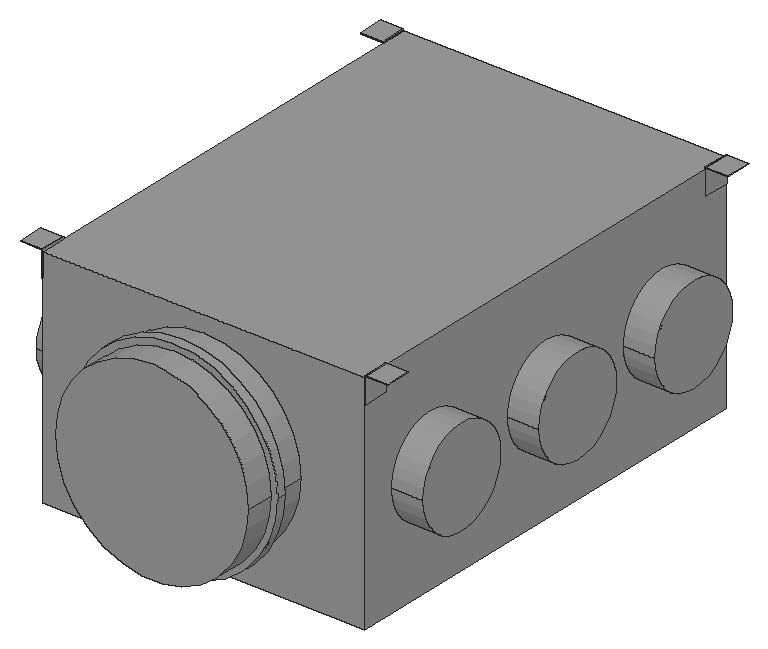
Revit family "SA_FASU(F6-150 300Φ)", category ダクト付属品, Revit 2021
Family settings
  丸型コネクタ寸法 = 直径を使用
  パーツ タイプ = ダンパー
  OmniClass 番号 = 23.75.00.00
  OmniClass タイトル = Climate Control (HVAC)
  作業面ベース = いいえ
  常に垂直 = はい
  ロード時にボイドで切り取り = いいえ
  共有 = いいえ
Parameters
  高さ = 350 mm
  風量 = 0.0 L/s
  符号 = "FASU"
  形式 = "F6-150 300φ"
  幅 [instance] = 500 mm
  奥行き = 700 mm
  大きさ = 250 mm
  呼称 = "FASUチャンバー"
  付属品_下端レベル [instance] = 0 mm
  マテリアル [instance] = 既定値
  ダクト_イン = 300 mm
  ダクト_アウト = 150 mm
  既定の高さ = 0 mm
Reference planes
  plane 1 "中心(正面/背面)": y = 0
  plane 2: z = 0
  plane 3 "中心(左/右)": x = 0
  plane 4: x = -250
  plane 5: x = 250
  plane 6: y = -700
  plane 7: z = 350
  plane 8: z = 175
  plane 9: z = 266.963
  plane 10: z = 86.159
  plane 11: x = -251
  plane 12: z = 313.122
  plane 13: z = 352.122
  plane 14: y = -350
Forms (mm)
  Extrusion 1, solid, material "既定値" <- "マテリアル"
    sketch origin (0, 0, 0) x (1, 0, 0) y (0, 1, 0)
      loop
        line (-250, 0) -> (-250, -700) -> (250, -700) -> (250, 0) -> (-250, 0)
    from 0 to 350
  Extrusion 2, solid, material "既定値" <- "マテリアル"
    sketch origin (0, -30, 0) x (1, 0, 0) y (0, 1, 0)
      loop
        line (-250, 30) -> (-251, 30) -> (-251, -10) -> (-250, -10) -> (-250, 30)
    from 313.122 to 350
  Extrusion 3, solid, material "既定値" <- "マテリアル"
    sketch origin (0, -30, 0) x (1, 0, 0) y (0, 1, 0)
      loop
        line (-285, 30) -> (-285, -10) -> (-251, -10) -> (-251, 30) -> (-285, 30)
    from 352.122 to 350
  Extrusion 4, solid, material "既定値" <- "マテリアル"
    sketch origin (0, -30, 0) x (-1, 0, 0) y (0, -1, 0)
      loop
        line (-250, -30) -> (-250, 10) -> (-251, 10) -> (-251, -30) -> (-250, -30)
    from 313.122 to 353.122
  Extrusion 5, solid, material "既定値" <- "マテリアル"
    sketch origin (0, -30, 0) x (-1, 0, 0) y (0, -1, 0)
      loop
        line (-285, -30) -> (-251, -30) -> (-251, 10) -> (-285, 10) -> (-285, -30)
    from 352.122 to 353.122
  Extrusion 6, solid, material "既定値" <- "マテリアル"
    sketch origin (0, -490, 0) x (1, 0, 0) y (0, 1, 0)
      loop
        line (-285, -170) -> (-285, -210) -> (-251, -210) -> (-251, -170) -> (-285, -170)
    from 352.122 to 353.122
  Extrusion 7, solid, material "既定値" <- "マテリアル"
    sketch origin (0, -490, 0) x (1, 0, 0) y (0, 1, 0)
      loop
        line (-250, -170) -> (-251, -170) -> (-251, -210) -> (-250, -210) -> (-250, -170)
    from 313.122 to 353.122
  Extrusion 8, solid, material "既定値" <- "マテリアル"
    sketch origin (0, -490, 0) x (-1, 0, 0) y (0, -1, 0)
      loop
        line (-285, 170) -> (-251, 170) -> (-251, 210) -> (-285, 210) -> (-285, 170)
    from 352.122 to 353.122
  Extrusion 9, solid, material "既定値" <- "マテリアル"
    sketch origin (0, -490, 0) x (-1, 0, 0) y (0, -1, 0)
      loop
        line (-250, 170) -> (-250, 210) -> (-251, 210) -> (-251, 170) -> (-250, 170)
    from 313.122 to 353.122
  Extrusion 10, solid, material "既定値" <- "マテリアル"
    sketch origin (550, -582.5, 0) x (0, -1, 0) y (0, 0, -1)
      loop
        circle (-232.5, -175) r 74.985
    from -300 to -250
  Extrusion 11, solid, material "既定値" <- "マテリアル"
    sketch origin (-550, -582.5, 0) x (0, -1, 0) y (0, 0, 1)
      loop
        circle (-232.5, 175) r 74.985
    from -300 to -250
  Extrusion 12, solid, material "既定値" <- "マテリアル"
    sketch origin (0, -700, 0) x (1, 0, 0) y (0, 0, 1)
      loop
        circle (0, 175) r 150
    from 0 to 42.5
  Extrusion 13, solid, material "既定値" <- "マテリアル"
    sketch origin (0, -743, 0) x (1, 0, 0) y (0, 0, 1)
      loop
        circle (0, 175) r 160
    from -0.5 to 14.5
  Extrusion 14, solid, material "既定値" <- "マテリアル"
    sketch origin (0, -757.5, 0) x (1, 0, 0) y (0, 0, 1)
      loop
        circle (0, 175) r 150
    from 0 to 42.5
  Extrusion 15, solid, material "既定値" <- "マテリアル"
    sketch origin (550, -357.5, 0) x (0, -1, 0) y (0, 0, -1)
      loop
        circle (-232.5, -175) r 74.985
    from -300 to -250
  Extrusion 16, solid, material "既定値" <- "マテリアル"
    sketch origin (-550, -357.5, 0) x (0, -1, 0) y (0, 0, 1)
      loop
        circle (-232.5, 175) r 74.985
    from -300 to -250
  Extrusion 17, solid, material "既定値" <- "マテリアル"
    sketch origin (550, -142.5, 0) x (0, 1, 0) y (0, 0, 1)
      loop
        circle (-432.5, 175) r 74.985
    from -300 to -250
  Extrusion 18, solid, material "既定値" <- "マテリアル"
    sketch origin (0, -142.5, 0) x (0, 1, 0) y (0, 0, 1)
      loop
        circle (-432.5, 175) r 74.985
    from -300 to -250
Lines and regions (mm)
  model lines
    curve 1: line (-250, -30, 0) -> (250, -30, 0)
    curve 2: line (-250, -670, 0) -> (250, -670, 0)
Text (mm)
  text "FASU(F6-150 300Φ)" at (3.713, -630.412, 0), in view "参照レベル"
Dimensions and locks
  equal spacing: plane 4, plane 3 "中心(左/右)", plane 5
  "幅": plane 4 to plane 5
  "奥行き": plane 6 to plane 1 "中心(正面/背面)"
  "高さ": plane 7 to level
  equal spacing: plane 7, plane 8, level
  equal spacing: plane 6, plane 14, plane 1 "中心(正面/背面)"
  aligned and locked: level to plane 2
  aligned and locked: Extrusion 1 sketch curve to plane 5
  aligned and locked: plane 7 to Extrusion 1
  aligned and locked: Extrusion 2 sketch curve to Extrusion 1
  aligned and locked: plane 7 to Extrusion 2
  aligned and locked: Extrusion 3 sketch curve to Extrusion 2
  aligned and locked: Extrusion 2 to Extrusion 3 sketch curve
  aligned and locked: plane 7 to Extrusion 3
  aligned and locked: Extrusion 3 to plane 13
  aligned and locked: Extrusion 4 to Extrusion 5 sketch curve
  aligned and locked: Extrusion 5 sketch curve to Extrusion 4
  aligned and locked: Extrusion 1 to Extrusion 8
  aligned and locked: Extrusion 6 to Extrusion 1
  aligned and locked: Extrusion 7 to Extrusion 1
  aligned and locked: Extrusion 1 to Extrusion 9
  aligned and locked: Extrusion 9 to Extrusion 8
  aligned and locked: Extrusion 7 to Extrusion 6
  aligned and locked: plane 4 to Extrusion 7
  aligned and locked: Extrusion 9 to plane 5
  aligned and locked: plane 4 to curve 1
  aligned and locked: plane 5 to curve 1
  aligned and locked: plane 5 to curve 2
  aligned and locked: Extrusion 1 to Extrusion 3
  aligned and locked: Extrusion 5 to Extrusion 1
  aligned and locked: Extrusion 4 to plane 5
  aligned and locked: Extrusion 1 to plane 6
  aligned and locked: Extrusion 1 to plane 1 "中心(正面/背面)"
  aligned and locked: plane 6 to Extrusion 12
  aligned and locked: Extrusion 15 to plane 5
  aligned and locked: plane 4 to Extrusion 16
  aligned and locked: Extrusion 17 to plane 5
  aligned and locked: plane 4 to Extrusion 18
Automatic sketch dimensions
  curve 2 to plane 4 = 0 mm
  plane 6 to curve 2 = 30 mm
  plane 1 "中心(正面/背面)" to curve 1 = 30 mm
  Extrusion 1 sketch curve to plane 4 = 0 mm
  Extrusion 1 sketch curve to plane 6 = 0 mm
  plane 1 "中心(正面/背面)" to Extrusion 1 sketch curve = 0 mm
  plane 1 "中心(正面/背面)" to Extrusion 2 sketch curve = 0 mm
  Extrusion 2 sketch curve to plane 11 = 0 mm
  Extrusion 2 sketch curve to Extrusion 2 sketch curve = 40 mm
  plane 1 "中心(正面/背面)" to Extrusion 3 sketch curve = 0 mm
  Extrusion 3 sketch curve to Extrusion 3 sketch curve = 34 mm
  plane 1 "中心(正面/背面)" to Extrusion 4 sketch curve = 0 mm
  Extrusion 4 sketch curve to plane 5 = 0 mm
  Extrusion 4 sketch curve to Extrusion 4 sketch curve = 1 mm
  Extrusion 4 sketch curve to Extrusion 4 sketch curve = 40 mm
  plane 1 "中心(正面/背面)" to Extrusion 5 sketch curve = 0 mm
  Extrusion 5 sketch curve to Extrusion 5 sketch curve = 34 mm
  Extrusion 6 sketch curve to plane 6 = 0 mm
  Extrusion 6 sketch curve to plane 11 = 0 mm
  Extrusion 6 sketch curve to plane 11 = 34 mm
  plane 6 to Extrusion 6 sketch curve = 40 mm
  Extrusion 7 sketch curve to plane 11 = 0 mm
  Extrusion 7 sketch curve to plane 4 = 0 mm
  Extrusion 7 sketch curve to plane 6 = 0 mm
  plane 6 to Extrusion 7 sketch curve = 40 mm
  Extrusion 8 sketch curve to plane 6 = 0 mm
  Extrusion 8 sketch curve to plane 5 = 35 mm
  Extrusion 8 sketch curve to plane 5 = 1 mm
  Extrusion 8 sketch curve to Extrusion 8 sketch curve = 40 mm
  Extrusion 9 sketch curve to plane 6 = 0 mm
  Extrusion 9 sketch curve to plane 5 = 0 mm
  Extrusion 9 sketch curve to Extrusion 9 sketch curve = 1 mm
  Extrusion 9 sketch curve to Extrusion 9 sketch curve = 40 mm
  Extrusion 10 sketch curve to plane 8 = 0 mm
  Extrusion 10 sketch curve to plane 14 = 0 mm
  Extrusion 11 sketch curve to plane 8 = 0 mm
  Extrusion 11 sketch curve to plane 14 = 0 mm
  Extrusion 12 sketch curve to plane 3 "中心(左/右)" = 0 mm
  Extrusion 12 sketch curve to plane 8 = 0 mm
  Extrusion 13 sketch curve to plane 3 "中心(左/右)" = 0 mm
  Extrusion 13 sketch curve to plane 8 = 0 mm
  Extrusion 14 sketch curve to plane 3 "中心(左/右)" = 0 mm
  Extrusion 14 sketch curve to plane 8 = 0 mm
  Extrusion 15 sketch curve to plane 8 = 0 mm
  plane 1 "中心(正面/背面)" to Extrusion 15 sketch curve = 125 mm
  Extrusion 16 sketch curve to plane 8 = 0 mm
  plane 1 "中心(正面/背面)" to Extrusion 16 sketch curve = 125 mm
  Extrusion 17 sketch curve to plane 8 = 0 mm
  plane 6 to Extrusion 17 sketch curve = 125 mm
  Extrusion 18 sketch curve to plane 8 = 0 mm
  plane 6 to Extrusion 18 sketch curve = 125 mm
  radius of Extrusion 10 sketch curve = 74.985 mm
  radius of Extrusion 11 sketch curve = 74.985 mm
  radius of Extrusion 12 sketch curve = 150 mm
  radius of Extrusion 13 sketch curve = 160 mm
  radius of Extrusion 14 sketch curve = 150 mm
  radius of Extrusion 15 sketch curve = 74.985 mm
  radius of Extrusion 16 sketch curve = 74.985 mm
  radius of Extrusion 17 sketch curve = 74.985 mm
  radius of Extrusion 18 sketch curve = 74.985 mm
Connectors
  hvac at (-300, -575, 175), driven by "ダクト_アウト"
    settings: on Extrusion 18, index 1, duct flow 0.0 L/s, flow factor 0, pres drop 0.0 Pa, loss coef 0, conn angle 0.00°, conn width 304.8 mm, conn height 304.8 mm, conn diameter 150 mm, duct sys type 29, conn prof type 0, flow config 0, flow direction 2, loss method 0, conn ref index -1, conn util no, is conn primary yes, conn desc ""
  hvac at (-300, -350, 175), driven by "ダクト_アウト"
    settings: on Extrusion 11, index 2, duct flow 0.0 L/s, flow factor 0, pres drop 0.0 Pa, loss coef 0, conn angle 0.00°, conn width 304.8 mm, conn height 304.8 mm, conn diameter 150 mm, duct sys type 29, conn prof type 0, flow config 0, flow direction 2, loss method 0, conn ref index -1, conn util no, is conn primary no, conn desc ""
  hvac at (-300, -125, 175), driven by "ダクト_アウト"
    settings: on Extrusion 16, index 3, duct flow 0.0 L/s, flow factor 0, pres drop 0.0 Pa, loss coef 0, conn angle 0.00°, conn width 304.8 mm, conn height 304.8 mm, conn diameter 150 mm, duct sys type 29, conn prof type 0, flow config 0, flow direction 2, loss method 0, conn ref index -1, conn util no, is conn primary no, conn desc ""
  hvac at (300, -575, 175), driven by "ダクト_アウト"
    settings: on Extrusion 17, index 4, duct flow 0.0 L/s, flow factor 0, pres drop 0.0 Pa, loss coef 0, conn angle 0.00°, conn width 304.8 mm, conn height 304.8 mm, conn diameter 150 mm, duct sys type 29, conn prof type 0, flow config 0, flow direction 2, loss method 0, conn ref index -1, conn util no, is conn primary no, conn desc ""
  hvac at (300, -350, 175), driven by "ダクト_アウト"
    settings: on Extrusion 10, index 5, duct flow 0.0 L/s, flow factor 0, pres drop 0.0 Pa, loss coef 0, conn angle 0.00°, conn width 304.8 mm, conn height 304.8 mm, conn diameter 150 mm, duct sys type 29, conn prof type 0, flow config 0, flow direction 2, loss method 0, conn ref index -1, conn util no, is conn primary no, conn desc ""
  hvac at (300, -125, 175), driven by "ダクト_アウト"
    settings: on Extrusion 15, index 6, duct flow 0.0 L/s, flow factor 0, pres drop 0.0 Pa, loss coef 0, conn angle 0.00°, conn width 304.8 mm, conn height 304.8 mm, conn diameter 150 mm, duct sys type 29, conn prof type 0, flow config 0, flow direction 2, loss method 0, conn ref index -1, conn util no, is conn primary no, conn desc ""
  hvac at (0, -800, 175), driven by "ダクト_イン"
    settings: on Extrusion 14, index 7, duct flow 0.0 L/s, flow factor 0, pres drop 0.0 Pa, loss coef 0, conn angle 0.00°, conn width 304.8 mm, conn height 304.8 mm, conn diameter 300 mm, duct sys type 29, conn prof type 0, flow config 0, flow direction 1, loss method 0, conn ref index -1, conn util no, is conn primary no, conn desc ""
